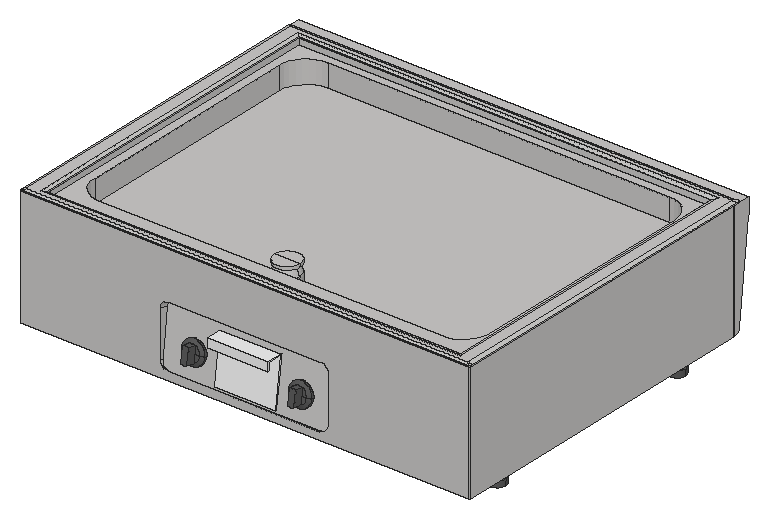
Revit family "QF_BPRO_BC GF 8400_574205", category Sonderausstattung, Revit 2018
Family settings
  Bemaßung runder Anschluss = Durchmesser verwenden
  Teiletyp = Normal
  Arbeitsebenenbasiert = Nein
  Immer vertikal = Ja
  Beim Laden mit Abzugskörper schneiden = Nein
  Gemeinsam genutzt = Nein
  Raumberechnungspunkt = Ja
Parameters (values of type "BC GF 8400")
  Zuleitung zum Gerät im Lieferumfang = yes
  Zubehör = yes
  Warnhinweise = ""
  URL = "https://www.bpro-solutions.com/"
  Typenkommentare = "Grillplatte BC GF 8400"
  Tiefe = 620 mm
  Stecker System = ""
  Spannung = 400 V
  Serviceintervalle = ""
  Schalldruckpegel = ""
  Phasen = 3
  Modell = "BC GF 8400"
  Material = QF_Metal-Stainless-Steel_general
  Länge Gerätebreite = 800 mm
  Kosten = 5342
  Internetadresse für Ersatzteilliste = "https://www.bpro-solutions.com/de/service/service.cfm?language=de"
  Internetadresse Gerätehersteller = "https://www.bpro-solutions.com/"
  Installationshöhe [instance] = 900 mm
  ID [instance] = ""
  Höhe = 240 mm
  Hersteller = "B.PRO GmbH"
  Hauptschalter integriert = yes
  Großküchengerätezuordnung = yes
  Gerätegewicht Netto = 68.80 kg
  Garantiezeit = ""
  Frequenz = 50 Hz
  Freiraum [instance] = no
  Elektrische leistung = 8400 W
  Elektrische Beschreibungen = ""
  CE Kennzeichnung = yes
  Beschreibung durch Nutzer = ""
  Beschreibung durch Hersteller analog Leistungsverzeichnislangtext = "BC GF 8400\r\nGrillplatte, glatt\r\ninkl. Fettablauf-Stopfen,\r\nextrem leistungsstark\r\nvon +80 bis +250 °C,\r\n2 getrennt regelbare\r\nHeizzonen"
  Beschreibung durch Hersteller analog Leistungsverzeichniskurztext = "BC GF 8400\r\nGrillplatte, glatt\r\ninkl. Fettablauf-Stopfen,\r\nextrem leistungsstark\r\nvon +80 bis +250 °C,\r\n2 getrennt regelbare\r\nHeizzonen"
  Beschreibung = "Grillplatte mit 2 getrennten Heizzonen"
  Beckentiefe = 40 mm
  Becken Versatz von vorne = 58 mm
  Becken Tiefe = 506 mm
  Becken Länge = 704 mm
  Artikel Nummer = "574205"
Reference planes
  plane 1 "Hinten": y = 0
  plane 2: z = 0
  plane 3 "Mitte (Links/rechts)": x = 0
  plane 4 "Installationshöhe": z = 900
  plane 5 "UK Korpus": z = 926.5
  plane 6 "OK Korpus": z = 1136.5
  plane 7 "OK": z = 1140
  plane 8: z = 925
  plane 9: x = -400
  plane 10: x = 400
  plane 11: x = 367.88
  plane 12: x = 352
  plane 13: x = -352
  plane 14: x = -367.88
  plane 15: y = -599.88
  plane 16: y = -562
  plane 17: y = -56
  plane 18: y = -40.12
  plane 19: y = -20
  plane 20 "Vorne": y = -620
  plane 21 "Korpus Rückseite": y = -30
  plane 22: z = 1126.5
  plane 23: z = 1086.5
  plane 24 "Ablauf Vorne/Hinten": y = -525
  plane 25: x = -95
  plane 26: x = 95
  plane 27 "Füße Links": x = -372
  plane 28 "Füße Rechts": x = 372
  plane 29 "Füße Vorne": y = -522
  plane 30 "Füße Hinten": y = -123
  plane 31: z = 940.5
  plane 32: z = 1050.5
  plane 33: x = -149.5
  plane 34: x = 149.5
  plane 35 "Mitte L/S": y = -605
Forms (mm)
  Extrusion 1, solid, material "QF_Metal-Stainless-Steel_general" <- "Material", detail levels medium+fine
    sketch origin (0, 0, 900) x (-1, 0, 0) y (0, -1, 0)
      loop
        line (398, 620) -> (-398, 620)
        arc (-398, 620) -> (-399.414, 619.414) -> (-400, 618) r 2
        line (-400, 618) -> (-400, 32)
        arc (-400, 32) -> (-399.414, 30.586) -> (-398, 30) r 2
        line (-398, 30) -> (398, 30)
        arc (398, 30) -> (399.414, 30.586) -> (400, 32) r 2
        line (400, 32) -> (400, 618)
        arc (400, 618) -> (399.414, 619.414) -> (398, 620) r 2
    from 26.5 to 236.5
  Extrusion 2, solid, material "QF_Metal-Stainless-Steel_general" <- "Material", detail levels medium+fine
    sketch origin (0, 0, 0) x (0, 1, 0) y (0, 0, 1)
      loop
        line (0, 1107.5) -> (0, 1136.5) -> (-30, 1136.5) -> (-30, 928) -> (-28.883, 928)
        arc (-28.883, 928) -> (-23.218, 930.163) -> (-20.436, 935.553) r 8.5
        line (-20.436, 935.553) -> (-1.307, 1106.088) -> (-1.307, 1107.5) -> (0, 1107.5)
    from -400 to 400
  Blend 3, solid, material "QF_Metal-Stainless-Steel_general" <- "Material", detail levels fine
    base sketch origin (0, 0, 1136.5) x (0, -1, 0) y (1, 0, 0)
      loop
        arc (20, -398) -> (20.586, -399.414) -> (22, -400) r 2
        line (22, -400) -> (618, -400)
        arc (618, -400) -> (619.414, -399.414) -> (620, -398) r 2
        line (620, -398) -> (620, 398)
        arc (620, 398) -> (619.414, 399.414) -> (618, 400) r 2
        line (618, 400) -> (22, 400)
        arc (22, 400) -> (20.586, 399.414) -> (20, 398) r 2
        line (20, 398) -> (20, -398)
    top sketch origin (0, 0, 1136.5) x (0, -1, 0) y (1, 0, 0)
      loop
        arc (26.3, -391.7) -> (26.886, -393.114) -> (28.3, -393.7) r 2
        line (28.3, -393.7) -> (611.7, -393.7)
        arc (611.7, -393.7) -> (613.114, -393.114) -> (613.7, -391.7) r 2
        line (613.7, -391.7) -> (613.7, 391.7)
        arc (613.7, 391.7) -> (613.114, 393.114) -> (611.7, 393.7) r 2
        line (611.7, 393.7) -> (28.3, 393.7)
        arc (28.3, 393.7) -> (26.886, 393.114) -> (26.3, 391.7) r 2
        line (26.3, 391.7) -> (26.3, -391.7)
    from 1.5 to 3.5
  Blend 4, void
    base sketch origin (0, 0, 1136.5) x (0, -1, 0) y (1, 0, 0)
      loop
        line (599.88, -367.88) -> (599.88, 367.88) -> (40.12, 367.88) -> (40.12, -367.88) -> (599.88, -367.88)
    top sketch origin (0, 0, 1136.5) x (0, -1, 0) y (1, 0, 0)
      loop
        line (33.82, 374.18) -> (33.82, -374.18) -> (606.18, -374.18) -> (606.18, 374.18) -> (33.82, 374.18)
    from 1.5 to 3.5
  Extrusion 5, void
    sketch origin (0, 0, 1136.5) x (0, -1, 0) y (1, 0, 0)
      loop
        line (562, -304) -> (562, 304)
        arc (562, 304) -> (547.941, 337.941) -> (514, 352) r 48
        line (514, 352) -> (104, 352)
        arc (104, 352) -> (70.059, 337.941) -> (56, 304) r 48
        line (56, 304) -> (56, -304)
        arc (56, -304) -> (70.059, -337.941) -> (104, -352) r 48
        line (104, -352) -> (514, -352)
        arc (514, -352) -> (547.941, -337.941) -> (562, -304) r 48
    from 0 to -50
  Extrusion 6, void
    sketch origin (0, 0, 1136.5) x (0, -1, 0) y (1, 0, 0)
      loop
        line (40.12, -367.88) -> (599.88, -367.88) -> (599.88, 367.88) -> (40.12, 367.88) -> (40.12, -367.88)
    from 3.5 to -10
  Extrusion 7, solid, material "QF_Plastic-Black-Matt", detail levels fine
    sketch origin (0, 0, 900) x (-1, 0, 0) y (0, -1, 0)
      loop
        circle (372, 123) r 10
    from 10 to 25
  Extrusion 8, solid, material "QF_Plastic-Black-Matt", detail levels fine
    sketch origin (0, 0, 900) x (-1, 0, 0) y (0, -1, 0)
      loop
        circle (-372, 123) r 10
    from 10 to 25
  Extrusion 9, solid, material "QF_Plastic-Black-Matt", detail levels fine
    sketch origin (0, 0, 900) x (-1, 0, 0) y (0, -1, 0)
      loop
        circle (-372, 522) r 10
    from 10 to 25
  Extrusion 10, solid, material "QF_Plastic-Black-Matt", detail levels fine
    sketch origin (0, 0, 900) x (-1, 0, 0) y (0, -1, 0)
      loop
        circle (372, 522) r 10
    from 10 to 25
  Extrusion 11, solid, material "QF_Plastic-Black-Matt", detail levels fine
    sketch origin (0, 0, 900) x (-1, 0, 0) y (0, -1, 0)
      loop
        circle (372, 522) r 14.5
    from 0 to 10
  Extrusion 12, solid, material "QF_Plastic-Black-Matt", detail levels fine
    sketch origin (0, 0, 900) x (-1, 0, 0) y (0, -1, 0)
      loop
        circle (-372, 522) r 14.5
    from 0 to 10
  Extrusion 13, solid, material "QF_Plastic-Black-Matt", detail levels fine
    sketch origin (0, 0, 900) x (-1, 0, 0) y (0, -1, 0)
      loop
        circle (-372, 123) r 14.5
    from 0 to 10
  Extrusion 14, solid, material "QF_Plastic-Black-Matt", detail levels fine
    sketch origin (0, 0, 900) x (-1, 0, 0) y (0, -1, 0)
      loop
        circle (372, 123) r 14.5
    from 0 to 10
  Extrusion 15, solid, material "QF_Metal-Stainless-Steel_general" <- "Material", detail levels fine
    sketch origin (0, 0, 926.5) x (0, -1, 0) y (1, 0, 0)
      loop
        arc (33, -385) -> (35.929, -392.071) -> (43, -395) r 10
        line (43, -395) -> (590, -395)
        arc (590, -395) -> (597.071, -392.071) -> (600, -385) r 10
        line (600, -385) -> (600, 385)
        arc (600, 385) -> (597.071, 392.071) -> (590, 395) r 10
        line (590, 395) -> (43, 395)
        arc (43, 395) -> (35.929, 392.071) -> (33, 385) r 10
        line (33, 385) -> (33, -385)
    from 0 to -1.5
  Revolve 16, solid, material "QF_Metal-Stainless-Steel_general", detail levels fine
    sketch origin (0, -525, 0) x (-1, 0, 0) y (0, 0, 1)
      loop
        line (0, 1086.5) -> (0, 1126.5) -> (-22.5, 1126.5) -> (-22.5, 1121.5) -> (-17.5, 1121.5) -> (-22.5, 1106.5) -> (-22.5, 1086.5) -> (0, 1086.5)
      axis (0, 1126.5) -> (0, 1086.5)
    angle from 0 to 360
  Extrusion 17, void
    sketch origin (0, -620, 940.5) x (0, 0.135113, 0.99083) y (1, 0, 0)
      loop
        line (110.997, -134.5) -> (110.997, 134.5)
        arc (110.997, 134.5) -> (106.604, 145.107) -> (95.997, 149.5) r 15
        line (95.997, 149.5) -> (15.411, 149.5)
        arc (15.411, 149.5) -> (4.804, 145.107) -> (0.411, 134.5) r 15
        line (0.411, 134.5) -> (0.411, -134.5)
        arc (0.411, -134.5) -> (4.804, -145.107) -> (15.411, -149.5) r 15
        line (15.411, -149.5) -> (95.997, -149.5)
        arc (95.997, -149.5) -> (106.604, -145.107) -> (110.997, -134.5) r 15
    from 2 to -20
  Extrusion 18, solid, material "QF_Metal-Aluminium_glossy", detail levels fine
    sketch origin (0, 0, 0) x (0, 1, 0) y (0, 0, 1)
      loop
        line (-617.327, 945.302) -> (-605.805, 1029.793) -> (-635.37, 1029.793) -> (-635.37, 1014.793) -> (-634.37, 1014.793) -> (-634.37, 1028.793) -> (-606.951, 1028.793) -> (-618.317, 945.437) -> (-617.327, 945.302)
    from -54 to 54
  Extrusion 19, solid, material "QF_Metal-Stainless-Steel_general" <- "Material", detail levels coarse
    sketch origin (0, 0, 1136.5) x (0, -1, 0) y (1, 0, 0)
      loop
        line (0, -400) -> (620, -400) -> (620, 400) -> (0, 400) -> (0, -400)
    from -211.5 to 3.5
  Extrusion 20, solid, material "QF_Metal-Stainless-Steel_general" <- "Material", detail levels fine
    sketch origin (0, 0, 1136.5) x (0, -1, 0) y (1, 0, 0)
      loop
        arc (20, -398) -> (20.586, -399.414) -> (22, -400) r 2
        line (22, -400) -> (618, -400)
        arc (618, -400) -> (619.414, -399.414) -> (620, -398) r 2
        line (620, -398) -> (620, 398)
        arc (620, 398) -> (619.414, 399.414) -> (618, 400) r 2
        line (618, 400) -> (22, 400)
        arc (22, 400) -> (20.586, 399.414) -> (20, 398) r 2
        line (20, 398) -> (20, -398)
    from 0 to 1.5
  Extrusion 21, solid, visible <- "Freiraum"
    sketch origin (0, 0, 0) x (1, 0, 0) y (0, 1, 0)
      loop
        line (-400, 0) -> (-400, -635.37) -> (400, -635.37) -> (400, 0) -> (-400, 0)
    from 900 to 1140
Cuts and joins
  Blend 4, Extrusion 5, Extrusion 6 cuts Blend 3
  Blend 4, Extrusion 6 cuts Extrusion 15
  Blend 4, Extrusion 5, Extrusion 6 cuts Extrusion 20
  joined: Blend 3, Extrusion 15, Extrusion 20
  joined: Extrusion 8, Extrusion 13
  joined: Extrusion 9, Extrusion 12
  joined: Extrusion 7, Extrusion 14
  joined: Extrusion 10, Extrusion 11
  Blend 4, Extrusion 5, Extrusion 6, Extrusion 17 cuts Extrusion 1
Lines and regions (mm)
  reference lines
    curve 1: line (0, -620, 940.5) -> (0, -605, 1050.5)
Dimensions and locks
  "Installationshöhe": plane 4 "Installationshöhe" to plane 2
  locked: plane 5 "UK Korpus" to plane 8 at 1.5
  locked: Extrusion 2 sketch curve to plane 5 "UK Korpus" at 1.5
  locked: Extrusion 2 sketch curve to plane 1 "Hinten" at 1.307
  locked: plane 6 "OK Korpus" to Extrusion 2 sketch curve at 29
  "Beckentiefe": plane 22 to plane 23
  locked: plane 6 "OK Korpus" to plane 22 at 10
  locked: plane 9 to Extrusion 15 sketch curve at 5
  locked: Extrusion 15 sketch curve to plane 10 at 5
  locked: Extrusion 15 sketch curve to plane 21 "Korpus Rückseite" at 3
  locked: Extrusion 15 sketch curve to plane 20 "Vorne" at 20
  plane 32 to plane 31 to plane 5 "UK Korpus" = 110 mm locked, 14 mm locked
  locked: plane 9 to plane 14 at 32.12
  locked: plane 11 to plane 10 at 32.12
  locked: plane 21 "Korpus Rückseite" to plane 18 at 10.12
  locked: plane 15 to plane 20 "Vorne" at 20.12
  "Becken Versatz von vorne": plane 16 to plane 20 "Vorne"
  "Becken Tiefe": plane 17 to plane 16
  plane 1 "Hinten" to plane 17 = 56 mm
  locked: plane 24 "Ablauf Vorne/Hinten" to plane 16 at 37
  locked: plane 29 "Füße Vorne" to plane 20 "Vorne" at 98
  locked: plane 30 "Füße Hinten" to plane 1 "Hinten" at 123
  locked: plane 28 "Füße Rechts" to plane 10 at 28
  locked: plane 9 to plane 27 "Füße Links" at 28
  equal spacing: plane 13, plane 3 "Mitte (Links/rechts)", plane 12
  "Becken Länge": plane 13 to plane 12
  locked: plane 26 to plane 10 at 305
  locked: plane 9 to plane 25 at 305
  locked: Revolve 16 sketch curve to plane 3 "Mitte (Links/rechts)" at 22.5  (x2)
  locked: Revolve 16 sketch curve to Revolve 16 sketch curve at 5
  Revolve 16 sketch curve to Revolve 16 sketch curve to Revolve 16 sketch curve = 5 mm locked, 15 mm locked
  locked: plane 22 to Revolve 16 sketch curve
  plane 34 to plane 3 "Mitte (Links/rechts)" to plane 33 = 149.5 mm locked, 149.5 mm locked
  plane 20 "Vorne" to plane 35 "Mitte L/S" = 15 mm
  plane 32 to Extrusion 18 sketch curve to Extrusion 18 sketch curve = 20.707 mm locked, 15 mm locked
  locked: Extrusion 18 sketch curve to plane 20 "Vorne" at 15.37
  locked: Extrusion 18 sketch curve to curve 1 at 2
  equal spacing: plane 9, plane 3 "Mitte (Links/rechts)", plane 10
  "Länge Gerätebreite": plane 9 to plane 10
  "Tiefe": plane 20 "Vorne" to plane 1 "Hinten"
  "Höhe": plane 7 "OK" to plane 4 "Installationshöhe"
  locked: plane 1 "Hinten" to connector elem at 100
  locked: plane 9 to connector elem at 100
  aligned and locked: level to plane 2
  aligned and locked: Extrusion 1 sketch curve to plane 20 "Vorne"
  aligned and locked: plane 9 to Extrusion 1 sketch curve
  aligned and locked: Extrusion 1 sketch curve to plane 10
  aligned and locked: plane 6 "OK Korpus" to Extrusion 1
  aligned and locked: Extrusion 1 to plane 5 "UK Korpus"
  aligned and locked: plane 6 "OK Korpus" to Extrusion 2 sketch curve
  aligned and locked: Extrusion 2 sketch curve to plane 21 "Korpus Rückseite"
  aligned and locked: Extrusion 2 sketch curve to plane 1 "Hinten"
  aligned and locked: Extrusion 2 to plane 10
  aligned and locked: plane 9 to Extrusion 2
  aligned and locked: Blend 3 sketch curve to plane 19
  aligned and locked: Blend 3 sketch curve to plane 9
  aligned and locked: plane 20 "Vorne" to Blend 3 sketch curve
  aligned and locked: plane 10 to Blend 3 sketch curve
  aligned and locked: Blend 4 sketch curve to plane 15
  aligned and locked: plane 14 to Blend 4 sketch curve
  aligned and locked: plane 18 to Blend 4 sketch curve
  aligned and locked: Blend 4 sketch curve to plane 11
  aligned and locked: plane 7 "OK" to Blend 4
  aligned and locked: plane 7 "OK" to Blend 3
  aligned and locked: Extrusion 5 sketch curve to plane 16
  aligned and locked: plane 13 to Extrusion 5 sketch curve
  aligned and locked: plane 17 to Extrusion 5 sketch curve
  aligned and locked: Extrusion 5 sketch curve to plane 12
  aligned and locked: plane 23 to Extrusion 5
  aligned and locked: Extrusion 6 sketch curve to plane 18
  aligned and locked: Extrusion 6 sketch curve to plane 14
  aligned and locked: plane 15 to Extrusion 6 sketch curve
  aligned and locked: plane 11 to Extrusion 6 sketch curve
  aligned and locked: Extrusion 6 to plane 22
  aligned and locked: plane 21 "Korpus Rückseite" to Extrusion 1 sketch curve
  aligned and locked: Extrusion 15 to plane 8
  aligned and locked: Revolve 16 sketch curve to plane 3 "Mitte (Links/rechts)"  (x2)
  aligned and locked: plane 23 to Revolve 16 sketch curve
  aligned and locked: plane 20 "Vorne" to curve 1
  aligned and locked: plane 31 to curve 1
  aligned and locked: plane 32 to curve 1
  aligned and locked: plane 35 "Mitte L/S" to curve 1
  aligned and locked: plane 33 to Extrusion 17 sketch curve
  aligned and locked: plane 34 to Extrusion 17 sketch curve
  aligned and locked: plane 25 to nested 1
  aligned and locked: plane 26 to nested 2
  aligned and locked: Extrusion 19 sketch curve to plane 9
  aligned and locked: plane 10 to Extrusion 19 sketch curve
  aligned and locked: plane 1 "Hinten" to Extrusion 19 sketch curve
  aligned and locked: plane 20 "Vorne" to Extrusion 19 sketch curve
  aligned and locked: Extrusion 19 to plane 8
  aligned and locked: plane 7 "OK" to Extrusion 19
  aligned and locked: plane 10 to Extrusion 20 sketch curve
  aligned and locked: plane 20 "Vorne" to Extrusion 20 sketch curve
  aligned and locked: Extrusion 20 sketch curve to plane 19
  aligned and locked: Extrusion 20 sketch curve to plane 9
  aligned and locked: plane 7 "OK" to Extrusion 6
  aligned and locked: Extrusion 21 sketch curve to plane 9
  aligned and locked: plane 1 "Hinten" to Extrusion 21 sketch curve
  aligned and locked: plane 10 to Extrusion 21 sketch curve
  aligned and locked: Extrusion 21 sketch curve to Extrusion 18
  aligned and locked: plane 7 "OK" to Extrusion 21
  aligned and locked: Extrusion 21 to plane 4 "Installationshöhe"
Automatic sketch dimensions
  plane 10 to Extrusion 1 sketch curve = 2 mm  (x2)
  Extrusion 1 sketch curve to Extrusion 1 sketch curve = 2 mm
  Extrusion 1 sketch curve to plane 9 = 2 mm
  plane 21 "Korpus Rückseite" to Extrusion 2 sketch curve = 1.117 mm
  Extrusion 2 sketch curve to plane 19 = 0.436 mm
  plane 5 "UK Korpus" to Extrusion 2 sketch curve = 9.053 mm
  Extrusion 2 sketch curve to Extrusion 2 sketch curve = 1.412 mm
  Blend 3 sketch curve to Blend 3 sketch curve = 2 mm  (x4)
  Blend 3 sketch curve to plane 19 = 2 mm
  plane 20 "Vorne" to Blend 3 sketch curve = 2 mm
  plane 21 "Korpus Rückseite" to Blend 3 sketch curve = 3.7 mm
  plane 21 "Korpus Rückseite" to Blend 3 sketch curve = 1.7 mm  (x2)
  plane 20 "Vorne" to Blend 3 sketch curve = 8.3 mm
  Blend 3 sketch curve to plane 9 = 6.3 mm
  plane 10 to Blend 3 sketch curve = 8.3 mm
  Blend 4 sketch curve to plane 21 "Korpus Rückseite" = 3.82 mm
  Blend 4 sketch curve to plane 15 = 6.3 mm
  plane 14 to Blend 4 sketch curve = 6.3 mm
  Blend 4 sketch curve to plane 11 = 6.3 mm
  Extrusion 5 sketch curve to plane 17 = 48 mm
  plane 12 to Extrusion 5 sketch curve = 48 mm  (x2)
  Extrusion 5 sketch curve to plane 13 = 48 mm
  Extrusion 7 sketch curve to plane 27 "Füße Links" = 0 mm
  Extrusion 7 sketch curve to plane 30 "Füße Hinten" = 0 mm
  Extrusion 8 sketch curve to plane 28 "Füße Rechts" = 0 mm
  Extrusion 8 sketch curve to plane 30 "Füße Hinten" = 0 mm
  Extrusion 9 sketch curve to plane 28 "Füße Rechts" = 0 mm
  Extrusion 9 sketch curve to plane 29 "Füße Vorne" = 0 mm
  Extrusion 10 sketch curve to plane 27 "Füße Links" = 0 mm
  Extrusion 10 sketch curve to plane 29 "Füße Vorne" = 0 mm
  Extrusion 11 sketch curve to plane 27 "Füße Links" = 0 mm
  Extrusion 11 sketch curve to plane 29 "Füße Vorne" = 0 mm
  Extrusion 12 sketch curve to plane 28 "Füße Rechts" = 0 mm
  Extrusion 12 sketch curve to plane 29 "Füße Vorne" = 0 mm
  Extrusion 13 sketch curve to plane 28 "Füße Rechts" = 0 mm
  Extrusion 13 sketch curve to plane 30 "Füße Hinten" = 0 mm
  Extrusion 14 sketch curve to plane 27 "Füße Links" = 0 mm
  Extrusion 14 sketch curve to plane 30 "Füße Hinten" = 0 mm
  Extrusion 15 sketch curve to plane 18 = 2.88 mm  (x2)
  plane 15 to Extrusion 15 sketch curve = 9.88 mm  (x2)
  Revolve 16 sketch curve to plane 4 "Installationshöhe" = 102 mm
  plane 7 "OK" to Revolve 16 sketch curve = 13 mm
  curve 1 to Extrusion 17 sketch curve = 0.411 mm
  curve 1 to Extrusion 17 sketch curve = 15.411 mm
  Extrusion 17 sketch curve to Extrusion 17 sketch curve = 15 mm
  Extrusion 17 sketch curve to curve 1 = 15.021 mm  (x2)
  Extrusion 17 sketch curve to curve 1 = 0.021 mm
  Extrusion 18 sketch curve to Extrusion 18 sketch curve = 1 mm  (x2)
  plane 20 "Vorne" to Extrusion 18 sketch curve = 1.683 mm
  Extrusion 18 sketch curve to Extrusion 18 sketch curve = 0.135 mm
  Extrusion 20 sketch curve to Extrusion 20 sketch curve = 2 mm  (x2)
  Extrusion 20 sketch curve to plane 19 = 2 mm
  plane 20 "Vorne" to Extrusion 20 sketch curve = 2 mm
  radius of Extrusion 7 sketch curve = 10 mm
  radius of Extrusion 8 sketch curve = 10 mm
  radius of Extrusion 9 sketch curve = 10 mm
  radius of Extrusion 10 sketch curve = 10 mm
  radius of Extrusion 11 sketch curve = 14.5 mm
  radius of Extrusion 12 sketch curve = 14.5 mm
  radius of Extrusion 13 sketch curve = 14.5 mm
  radius of Extrusion 14 sketch curve = 14.5 mm
Nested families
  nested 1: "Drehknopf" at (-95, -612.141, 983.328) x (1, 0, 0) z (0, 0.9908, -0.1351), type "Standard"
  nested 2: "Drehknopf" at (95, -612.141, 983.328) x (1, 0, 0) z (0, 0.9908, -0.1351), type "Standard"
Connectors
  electrical at (-300, -100, 926.5), driven by "Spannung", driven by "Elektrische leistung"
    settings: index 1, voltage 400 V, apparent load 0 VA, apparent load phase1 8400 VA, apparent load phase2 0 VA, apparent load phase3 0 VA, power factor 1, load classification "Sonstige", number of poles 1, system type 31, power factor state 1, is connector primary yes, connector utility no, sub classification motor no, connector description ""
Definition of nested family "Drehknopf"
  Parameters (values of type "Standard")
    Default Elevation = 1219.2 mm
    Material = none
    Innen = yes
    Aussen = no
  Reference planes
    plane 1 "Mitte (Vorne/hinten)": y = 0
    plane 2: z = 0
    plane 3 "Mitte (Links/rechts)": x = 0
    plane 4: z = 3
    plane 5: z = 7
    plane 6: z = 22
    plane 7: x = -14.5
    plane 8: x = -21
    plane 9: z = -3
    plane 10: z = -7
    plane 11: z = -22
    plane 12: x = -14.5
    plane 13: x = -21
  Forms (mm)
    Extrusion 1, solid
      sketch origin (0, 0, 0) x (1, 0, 0) y (0, 1, 0)
        loop
          line (-1219.2, 1219.2) -> (-1219.2, -1219.2) -> (1219.2, -1219.2) -> (1219.2, 1219.2) -> (-1219.2, 1219.2)
      from 0 to -304.8
    Revolve 2, solid, material <- "Material", visible <- "Aussen", detail levels fine
      sketch origin (0, 0, 0) x (1, 0, 0) y (0, 0, 1)
        loop
          line (0, 0) -> (0, 7) -> (-14.5, 7) -> (-21, 3) -> (-21, 0) -> (0, 0)
        axis (0, 7) -> (0, 0)
      angle from 0 to 360
    Extrusion 3, solid, material <- "Material", visible <- "Aussen", detail levels fine
      sketch origin (0, 0, 0) x (1, 0, 0) y (0, 1, 0)
        loop
          arc (-5, -13.611) -> (0, -14.5) -> (5, -13.611) r 14.5
          line (5, -13.611) -> (5, 13.611)
          arc (5, 13.611) -> (0, 14.5) -> (-5, 13.611) r 14.5
          line (-5, 13.611) -> (-5, -13.611)
      from 7 to 22
    Revolve 4, solid, material <- "Material", visible <- "Innen", detail levels fine
      sketch origin (0, 0, 0) x (1, 0, 0) y (0, 0, -1)
        loop
          line (0, 0) -> (0, 7) -> (-14.5, 7) -> (-21, 3) -> (-21, 0) -> (0, 0)
        axis (0, 7) -> (0, 0)
      angle from 0 to 360
    Extrusion 5, solid, material <- "Material", visible <- "Innen", detail levels fine
      sketch origin (0, 0, 0) x (0, -1, 0) y (1, 0, 0)
        loop
          arc (13.611, -5) -> (14.5, 0) -> (13.611, 5) r 14.5
          line (13.611, 5) -> (-13.611, 5)
          arc (-13.611, 5) -> (-14.5, 0) -> (-13.611, -5) r 14.5
          line (-13.611, -5) -> (13.611, -5)
      from -7 to -22
  Cuts and joins
    joined: Revolve 2, Extrusion 3
  Dimensions and locks
    plane 4 to level = 3 mm
    plane 5 to plane 4 = 4 mm
    plane 6 to plane 5 = 15 mm
    plane 3 "Mitte (Links/rechts)" to plane 7 = 14.5 mm  (x2)
    plane 3 "Mitte (Links/rechts)" to plane 8 = 21 mm
    aligned and locked: plane 2 to Extrusion 1
    aligned and locked: level to Extrusion 1
    aligned and locked: Revolve 2 sketch curve to plane 3 "Mitte (Links/rechts)"  (x2)
    aligned and locked: plane 8 to Revolve 2 sketch curve
    aligned and locked: plane 2 to Revolve 2 sketch curve
    aligned and locked: plane 5 to Revolve 2 sketch curve
    aligned and locked: plane 5 to Extrusion 3
    aligned and locked: plane 6 to Extrusion 3
    aligned and locked: Revolve 4 sketch curve to plane 13
    aligned and locked: Revolve 4 sketch curve to plane 10
    aligned and locked: Extrusion 5 to plane 10
    aligned and locked: Extrusion 5 to plane 11
